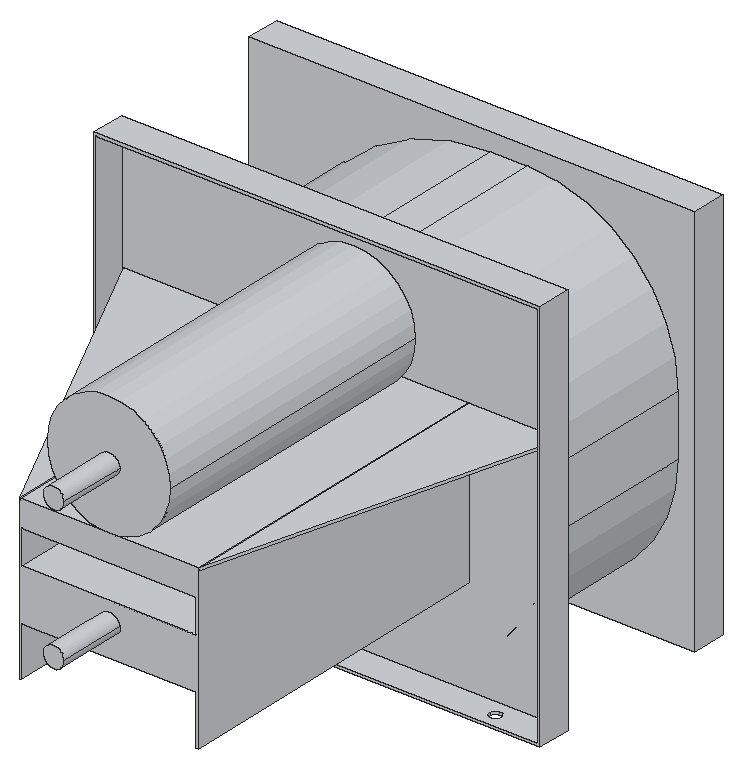
Revit family "CA-4_SWSI_ARR_2_CCW_DBD", category Mechanical Equipment, Revit 2019
Family settings
  Round Connector Dimension = Use Radius
  Part Type = Normal
  Work Plane-Based = No
  Always vertical = Yes
  Cut with Voids When Loaded = No
  Shared = No
  Room Calculation Point = No
Parameters (values of type "120_CA-4_SWSI_ARR_2_CCW_DBD_CLASS_3")
  S = 7 1/2"
  R = 11 7/16"
  P = 5 23/32"
  O/2 = O / 2  # 11/32"
  O = 11/16"
  N/2 = N / 2  # 19/32"
  N = 1 3/16"
  ModelID [instance] = ""
  MOTOR_RAD = N * 3  # 3 9/16"
  M = 18 7/8"
  L = 3"
  K = 15 7/8"
  J = 2"
  INLET_RAD/2 = INLET_RAD / 2  # 4 1/16"
  INLET_RAD+1.5" = INLET_RAD + 1 1/2"  # 9 5/8"
  INLET_RAD = INLET_DIA / 2  # 8 1/8"
  INLET_DIA = 16 1/4"
  E = 10 3/4"
  G/5 = F / 5  # 5.15"
  F = 25 3/4"
  G = 22 3/4"
  Unit Weight [instance] = ""
  Sones [instance] = ""
  Motor RPM [instance] = ""
  Motor Enclosure [instance] = ""
  LwA [instance] = ""
  Fan RPM [instance] = ""
  EE = 10 3/4"
  E-(INLET_RAD+1.5") = 3/4"
  E+(INLET_RAD+1.5") = 20"
  H = 10 3/8"
  D-((D-B)/2) = D - ((D - B) / 2)  # 11 3/16"
  D = 13 3/16"
  B = 9 3/16"
  Accessories [instance] = ""
  ARR_2_L-ARR_2_K = ARR_2_L - ARR_2_K  # 17 5/8"
  ARR_2_L = 21 5/8"
  ARR_2_K = 4"
  A = 13 1/8"
  3" = 3"  # constant formula
  Brake Hp [instance] = ""
  4" = 4"  # constant formula
  2N = N + N  # 2 3/8"
  2' = 24"
  2" = 2"  # constant formula
  1" = 1"  # constant formula
  0 = 0"  # constant formula
  Voltage [instance] = 0 V
  URL = "www.lorencook.com"
  Type Comments = "Airfoil Centrifugal Blower Arrangement 2 Counter-Clockwise Down Blast Discharge"  # constant formula
  Static Pressure [instance] = 0.00 in-wg
  Power [instance] = Voltage * Motor FLA * sqrt(if(Phase = 3, 3, 1))  # 0 VA
  Phase [instance] = 0
  Number of Poles [instance] = 1
  Motor Hp [instance] = "0"
  Motor FLA [instance] = 0 A
  Model = "CA-4 SWSI ARR 2 CCW DBD CLASS 3"
  Manufacturer = "Loren Cook Company"
  CFM [instance] = 0 CFM
  1.5 = 1 1/2"  # constant formula
  ONE EIGTH = 1/8"  # constant formula
  -(ARR_2_L - ARR_2_K) = -(ARR_2_L - ARR_2_K)  # -17 5/8"
  -(((K-B)/2)-.125") = -(((K - B) / 2) - 1/8")  # -3 7/32"
  -(((D - B) / 2) - 1/8") = -(((D - B) / 2) - 1/8")  # -1 7/8"
  (R-B)/2 = (R - B) / 2  # 1 1/8"
  ((K-B)/2)+B = ((K - B) / 2) + B  # 12 17/32"
  (D-B)/2 = (D - B) / 2  # 2"
  -(((K-B)/2)+L) = -(((K - B) / 2) + L)  # -6 11/32"
  ((D-B)/2)-.125" = ((D - B) / 2) - 1/8"  # 1 7/8"
Types (55): name | S | R | P | O/2 | O | N/2 | N | MOTOR_RAD | M | L | K | J | INLET_RAD/2 | INLET_RAD+1.5" | INLET_RAD | INLET_DIA | E | G/5 | F | G | EE | E-(INLET_RAD+1.5") | E+(INLET_RAD+1.5") | H | D-((D-B)/2) | D | B | ARR_2_L-ARR_2_K | ARR_2_L | ARR_2_K | A | 2N | Model | -(ARR_2_L - ARR_2_K) | -(((K-B)/2)-.125") | -(((D - B) / 2) - 1/8") | (R-B)/2 | ((K-B)/2)+B | (D-B)/2 | -(((K-B)/2)+L) | ((D-B)/2)-.125"
  (no name) | 7 1/2" | 11 7/16" | 5 23/32" | 11/32" | 11/16" | 19/32" | 1 3/16" | 3 9/16" | 18 7/8" | 3" | 15 7/8" | 2" | 4 1/16" | 9 5/8" | 8 1/8" | 16 1/4" | 10 3/4" | 5.15" | 25 3/4" | 22 3/4" | 10 3/4" | 3/4" | 20" | 10 3/8" | 11 3/16" | 13 3/16" | 9 3/16" | 17 5/8" | 21 5/8" | 4" | 13 1/8" | 2 3/8" | "CA-4 SWSI ARR 2 CCW DBD CLASS 3" | -17 5/8" | -3 7/32" | -1 7/8" | 1 1/8" | 12 17/32" | 2" | -6 11/32" | 1 7/8"
  120_CA-4_SWSI_ARR_2_CCW_DBD_CLASS_1 | 7 1/2" | 11 7/16" | 5 23/32" | 11/32" | 11/16" | 1/2" | 1" | 3" | 18 7/8" | 3" | 15 7/8" | 2" | 4 1/16" | 9 5/8" | 8 1/8" | 16 1/4" | 10 3/4" | 5.15" | 25 3/4" | 22 3/4" | 10 3/4" | 3/4" | 20" | 10 3/8" | 11 3/16" | 13 3/16" | 9 3/16" | 17 5/8" | 21 5/8" | 4" | 13 1/8" | 2" | "CA-4 SWSI ARR 2 CCW DBD CLASS 1" | -17 5/8" | -3 7/32" | -1 7/8" | 1 1/8" | 12 17/32" | 2" | -6 11/32" | 1 7/8"
  120_CA-4_SWSI_ARR_2_CCW_DBD_CLASS_2 | 7 1/2" | 11 7/16" | 5 23/32" | 11/32" | 11/16" | 1/2" | 1" | 3" | 18 7/8" | 3" | 15 7/8" | 2" | 4 1/16" | 9 5/8" | 8 1/8" | 16 1/4" | 10 3/4" | 5.15" | 25 3/4" | 22 3/4" | 10 3/4" | 3/4" | 20" | 10 3/8" | 11 3/16" | 13 3/16" | 9 3/16" | 17 5/8" | 21 5/8" | 4" | 13 1/8" | 2" | "CA-4 SWSI ARR 2 CCW DBD CLASS 2" | -17 5/8" | -3 7/32" | -1 7/8" | 1 1/8" | 12 17/32" | 2" | -6 11/32" | 1 7/8"
  120_CA-4_SWSI_ARR_2_CCW_DBD_CLASS_3 | 7 1/2" | 11 7/16" | 5 23/32" | 11/32" | 11/16" | 19/32" | 1 3/16" | 3 9/16" | 18 7/8" | 3" | 15 7/8" | 2" | 4 1/16" | 9 5/8" | 8 1/8" | 16 1/4" | 10 3/4" | 5.15" | 25 3/4" | 22 3/4" | 10 3/4" | 3/4" | 20" | 10 3/8" | 11 3/16" | 13 3/16" | 9 3/16" | 17 5/8" | 21 5/8" | 4" | 13 1/8" | 2 3/8" | "CA-4 SWSI ARR 2 CCW DBD CLASS 3" | -17 5/8" | -3 7/32" | -1 7/8" | 1 1/8" | 12 17/32" | 2" | -6 11/32" | 1 7/8"
  135_CA-4_SWSI_ARR_2_CCW_DBD_CLASS_1 | 8 1/2" | 12 9/16" | 6 9/32" | 11/32" | 11/16" | 1/2" | 1" | 3" | 20" | 3" | 17" | 2" | 4 7/16" | 10 3/8" | 8 7/8" | 17 3/4" | 12" | 5 3/4" | 28 3/4" | 25 1/2" | 12" | 1 1/4" | 22" | 11 5/8" | 12 5/16" | 14 5/16" | 10 5/16" | 17 5/8" | 21 5/8" | 4" | 14 3/4" | 2" | "CA-4 SWSI ARR 2 CCW DBD CLASS 1" | -17 5/8" | -3 7/32" | -1 7/8" | 1 1/8" | 13 21/32" | 2" | -6 11/32" | 1 7/8"
  135_CA-4_SWSI_ARR_2_CCW_DBD_CLASS_2 | 8 1/2" | 12 9/16" | 6 9/32" | 11/32" | 11/16" | 1/2" | 1" | 3" | 20" | 3" | 17" | 2" | 4 7/16" | 10 3/8" | 8 7/8" | 17 3/4" | 12" | 5 3/4" | 28 3/4" | 25 1/2" | 12" | 1 1/4" | 22" | 11 5/8" | 12 5/16" | 14 5/16" | 10 5/16" | 17 5/8" | 21 5/8" | 4" | 14 3/4" | 2" | "CA-4 SWSI ARR 2 CCW DBD CLASS 2" | -17 5/8" | -3 7/32" | -1 7/8" | 1 1/8" | 13 21/32" | 2" | -6 11/32" | 1 7/8"
  135_CA-4_SWSI_ARR_2_CCW_DBD_CLASS_3 | 8 1/2" | 12 9/16" | 6 9/32" | 11/32" | 11/16" | 19/32" | 1 3/16" | 3 9/16" | 20" | 3" | 17" | 2" | 4 7/16" | 10 3/8" | 8 7/8" | 17 3/4" | 12" | 5 3/4" | 28 3/4" | 25 1/2" | 12" | 1 1/4" | 22" | 11 5/8" | 12 5/16" | 14 5/16" | 10 5/16" | 17 5/8" | 21 5/8" | 4" | 14 3/4" | 2 3/8" | "CA-4 SWSI ARR 2 CCW DBD CLASS 3" | -17 5/8" | -3 7/32" | -1 7/8" | 1 1/8" | 13 21/32" | 2" | -6 11/32" | 1 7/8"
  150_CA-4_SWSI_ARR_2_CCW_DBD_CLASS_1 | 9" | 13 11/16" | 6 27/32" | 11/32" | 11/16" | 1/2" | 1" | 3" | 21 1/8" | 3" | 18 1/8" | 2" | 4 13/16" | 11 1/8" | 9 5/8" | 19 1/4" | 13 1/4" | 6.325" | 31 5/8" | 28 1/8" | 13 1/4" | 1 3/4" | 24" | 12 7/8" | 13 7/16" | 15 7/16" | 11 7/16" | 17 5/8" | 21 5/8" | 4" | 16 7/16" | 2" | "CA-4 SWSI ARR 2 CCW DBD CLASS 1" | -17 5/8" | -3 7/32" | -1 7/8" | 1 1/8" | 14 25/32" | 2" | -6 11/32" | 1 7/8"
  150_CA-4_SWSI_ARR_2_CCW_DBD_CLASS_2 | 9" | 13 11/16" | 6 27/32" | 11/32" | 11/16" | 19/32" | 1 3/16" | 3 9/16" | 21 1/8" | 3" | 18 1/8" | 2" | 4 13/16" | 11 1/8" | 9 5/8" | 19 1/4" | 13 1/4" | 6.325" | 31 5/8" | 28 1/8" | 13 1/4" | 1 3/4" | 24" | 12 7/8" | 13 7/16" | 15 7/16" | 11 7/16" | 17 5/8" | 21 5/8" | 4" | 16 7/16" | 2 3/8" | "CA-4 SWSI ARR 2 CCW DBD CLASS 2" | -17 5/8" | -3 7/32" | -1 7/8" | 1 1/8" | 14 25/32" | 2" | -6 11/32" | 1 7/8"
  150_CA-4_SWSI_ARR_2_CCW_DBD_CLASS_3 | 9" | 13 11/16" | 6 27/32" | 11/32" | 11/16" | 23/32" | 1 7/16" | 4 5/16" | 21 1/8" | 3" | 18 1/8" | 2" | 4 13/16" | 11 1/8" | 9 5/8" | 19 1/4" | 13 1/4" | 6.325" | 31 5/8" | 28 1/8" | 13 1/4" | 1 3/4" | 24" | 12 7/8" | 13 7/16" | 15 7/16" | 11 7/16" | 17 5/8" | 21 5/8" | 4" | 16 7/16" | 2 7/8" | "CA-4 SWSI ARR 2 CCW DBD CLASS 3" | -17 5/8" | -3 7/32" | -1 7/8" | 1 1/8" | 14 25/32" | 2" | -6 11/32" | 1 7/8"
  165_CA-4_SWSI_ARR_2_CCW_DBD_CLASS_1 | 10" | 14 7/8" | 7 7/16" | 11/32" | 11/16" | 1/2" | 1" | 3" | 23 15/16" | 4" | 19 5/16" | 2" | 5 5/16" | 12 1/8" | 10 5/8" | 21 1/4" | 14 3/8" | 6 7/8" | 34 3/8" | 30 7/8" | 14 3/8" | 2 1/8" | 26 3/8" | 14 1/4" | 14 5/8" | 16 5/8" | 12 5/8" | 17 5/8" | 21 5/8" | 4" | 18 1/16" | 2" | "CA-4 SWSI ARR 2 CCW DBD CLASS 1" | -17 5/8" | -3 7/32" | -1 7/8" | 1 1/8" | 15 31/32" | 2" | -7 11/32" | 1 7/8"
  165_CA-4_SWSI_ARR_2_CCW_DBD_CLASS_2 | 10" | 14 7/8" | 7 7/16" | 11/32" | 11/16" | 19/32" | 1 3/16" | 3 9/16" | 23 15/16" | 4" | 19 5/16" | 2" | 5 5/16" | 12 1/8" | 10 5/8" | 21 1/4" | 14 3/8" | 6 7/8" | 34 3/8" | 30 7/8" | 14 3/8" | 2 1/8" | 26 3/8" | 14 1/4" | 14 5/8" | 16 5/8" | 12 5/8" | 17 5/8" | 21 5/8" | 4" | 18 1/16" | 2 3/8" | "CA-4 SWSI ARR 2 CCW DBD CLASS 2" | -17 5/8" | -3 7/32" | -1 7/8" | 1 1/8" | 15 31/32" | 2" | -7 11/32" | 1 7/8"
  165_CA-4_SWSI_ARR_2_CCW_DBD_CLASS_3 | 10" | 14 7/8" | 7 7/16" | 11/32" | 11/16" | 23/32" | 1 7/16" | 4 5/16" | 23 15/16" | 4" | 19 5/16" | 2" | 5 5/16" | 12 1/8" | 10 5/8" | 21 1/4" | 14 3/8" | 6 7/8" | 34 3/8" | 30 7/8" | 14 3/8" | 2 1/8" | 26 3/8" | 14 1/4" | 14 5/8" | 16 5/8" | 12 5/8" | 17 5/8" | 21 5/8" | 4" | 18 1/16" | 2 7/8" | "CA-4 SWSI ARR 2 CCW DBD CLASS 3" | -17 5/8" | -3 7/32" | -1 7/8" | 1 1/8" | 15 31/32" | 2" | -7 11/32" | 1 7/8"
  180_CA-4_SWSI_ARR_2_CCW_DBD_CLASS_1 | 11" | 16" | 8" | 11/32" | 11/16" | 19/32" | 1 3/16" | 3 9/16" | 24 15/16" | 4 1/2" | 20 7/16" | 2" | 5 11/16" | 12 7/8" | 11 3/8" | 22 3/4" | 15 5/8" | 7.425" | 37 1/8" | 33 5/8" | 15 5/8" | 2 5/8" | 28 3/8" | 15 1/2" | 15 3/4" | 17 3/4" | 13 3/4" | 20 1/8" | 24 3/8" | 4 1/4" | 19 11/16" | 2 3/8" | "CA-4 SWSI ARR 2 CCW DBD CLASS 1" | -20 1/8" | -3 7/32" | -1 7/8" | 1 1/8" | 17 3/32" | 2" | -7 27/32" | 1 7/8"
  180_CA-4_SWSI_ARR_2_CCW_DBD_CLASS_2 | 11" | 16" | 8" | 11/32" | 11/16" | 23/32" | 1 7/16" | 4 5/16" | 24 15/16" | 4 1/2" | 20 7/16" | 2" | 5 11/16" | 12 7/8" | 11 3/8" | 22 3/4" | 15 5/8" | 7.425" | 37 1/8" | 33 5/8" | 15 5/8" | 2 5/8" | 28 3/8" | 15 1/2" | 15 3/4" | 17 3/4" | 13 3/4" | 20 1/8" | 24 3/8" | 4 1/4" | 19 11/16" | 2 7/8" | "CA-4 SWSI ARR 2 CCW DBD CLASS 2" | -20 1/8" | -3 7/32" | -1 7/8" | 1 1/8" | 17 3/32" | 2" | -7 27/32" | 1 7/8"
  180_CA-4_SWSI_ARR_2_CCW_DBD_CLASS_3 | 11" | 16" | 8" | 11/32" | 11/16" | 27/32" | 1 11/16" | 5 1/16" | 24 15/16" | 4 1/2" | 20 7/16" | 2" | 5 11/16" | 12 7/8" | 11 3/8" | 22 3/4" | 15 5/8" | 7.425" | 37 1/8" | 33 5/8" | 15 5/8" | 2 5/8" | 28 3/8" | 15 1/2" | 15 3/4" | 17 3/4" | 13 3/4" | 20 1/8" | 24 3/8" | 4 1/4" | 19 11/16" | 3 3/8" | "CA-4 SWSI ARR 2 CCW DBD CLASS 3" | -20 1/8" | -3 7/32" | -1 7/8" | 1 1/8" | 17 3/32" | 2" | -7 27/32" | 1 7/8"
  195_CA-4_SWSI_ARR_2_CCW_DBD_CLASS_1 | 11 1/2" | 17 3/16" | 8 19/32" | 11/32" | 11/16" | 23/32" | 1 7/16" | 4 5/16" | 27 3/16" | 4 1/2" | 22 11/16" | 2" | 6 1/16" | 13 5/8" | 12 1/8" | 24 1/4" | 16 3/4" | 8" | 40" | 36 1/4" | 16 3/4" | 3 1/8" | 30 3/8" | 16 3/4" | 16 15/16" | 18 15/16" | 14 15/16" | 20 1/8" | 24 3/8" | 4 1/4" | 21 5/16" | 2 7/8" | "CA-4 SWSI ARR 2 CCW DBD CLASS 1" | -20 1/8" | -3 3/4" | -1 7/8" | 1 1/8" | 18 13/16" | 2" | -8 3/8" | 1 7/8"
  195_CA-4_SWSI_ARR_2_CCW_DBD_CLASS_2 | 11 1/2" | 17 3/16" | 8 19/32" | 11/32" | 11/16" | 23/32" | 1 7/16" | 4 5/16" | 27 3/16" | 4 1/2" | 22 11/16" | 2" | 6 1/16" | 13 5/8" | 12 1/8" | 24 1/4" | 16 3/4" | 8" | 40" | 36 1/4" | 16 3/4" | 3 1/8" | 30 3/8" | 16 3/4" | 16 15/16" | 18 15/16" | 14 15/16" | 20 1/8" | 24 3/8" | 4 1/4" | 21 5/16" | 2 7/8" | "CA-4 SWSI ARR 2 CCW DBD CLASS 2" | -20 1/8" | -3 3/4" | -1 7/8" | 1 1/8" | 18 13/16" | 2" | -8 3/8" | 1 7/8"
  195_CA-4_SWSI_ARR_2_CCW_DBD_CLASS_3 | 11 1/2" | 17 3/16" | 8 19/32" | 11/32" | 11/16" | 27/32" | 1 11/16" | 5 1/16" | 27 3/16" | 4 1/2" | 22 11/16" | 2" | 6 1/16" | 13 5/8" | 12 1/8" | 24 1/4" | 16 3/4" | 8" | 40" | 36 1/4" | 16 3/4" | 3 1/8" | 30 3/8" | 16 3/4" | 16 15/16" | 18 15/16" | 14 15/16" | 20 1/8" | 24 3/8" | 4 1/4" | 21 5/16" | 3 3/8" | "CA-4 SWSI ARR 2 CCW DBD CLASS 3" | -20 1/8" | -3 3/4" | -1 7/8" | 1 1/8" | 18 13/16" | 2" | -8 3/8" | 1 7/8"
  210_CA-4_SWSI_ARR_2_CCW_DBD_CLASS_1 | 12" | 18 5/16" | 9 5/32" | 13/32" | 13/16" | 23/32" | 1 7/16" | 4 5/16" | 28 13/16" | 5" | 23 13/16" | 2" | 6 1/2" | 14 1/2" | 13" | 26" | 18" | 8.575" | 42 7/8" | 39 1/8" | 18" | 3 5/8" | 32 5/8" | 18 1/8" | 18 1/16" | 20 1/16" | 16 1/16" | 23 1/8" | 27 3/8" | 4 1/4" | 23" | 2 7/8" | "CA-4 SWSI ARR 2 CCW DBD CLASS 1" | -23 1/8" | -3 3/4" | -1 7/8" | 1 1/8" | 19 15/16" | 2" | -8 7/8" | 1 7/8"
  210_CA-4_SWSI_ARR_2_CCW_DBD_CLASS_2 | 12" | 18 5/16" | 9 5/32" | 13/32" | 13/16" | 23/32" | 1 7/16" | 4 5/16" | 28 13/16" | 5" | 23 13/16" | 2" | 6 1/2" | 14 1/2" | 13" | 26" | 18" | 8.575" | 42 7/8" | 39 1/8" | 18" | 3 5/8" | 32 5/8" | 18 1/8" | 18 1/16" | 20 1/16" | 16 1/16" | 23 1/8" | 27 3/8" | 4 1/4" | 23" | 2 7/8" | "CA-4 SWSI ARR 2 CCW DBD CLASS 2" | -23 1/8" | -3 3/4" | -1 7/8" | 1 1/8" | 19 15/16" | 2" | -8 7/8" | 1 7/8"
  210_CA-4_SWSI_ARR_2_CCW_DBD_CLASS_3 | 12" | 18 5/16" | 9 5/32" | 13/32" | 13/16" | 27/32" | 1 11/16" | 5 1/16" | 28 13/16" | 5" | 23 13/16" | 2" | 6 1/2" | 14 1/2" | 13" | 26" | 18" | 8.575" | 42 7/8" | 39 1/8" | 18" | 3 5/8" | 32 5/8" | 18 1/8" | 18 1/16" | 20 1/16" | 16 1/16" | 23 1/8" | 27 3/8" | 4 1/4" | 23" | 3 3/8" | "CA-4 SWSI ARR 2 CCW DBD CLASS 3" | -23 1/8" | -3 3/4" | -1 7/8" | 1 1/8" | 19 15/16" | 2" | -8 7/8" | 1 7/8"
  225_CA-4_SWSI_ARR_2_CCW_DBD_CLASS_1 | 12 1/2" | 19 7/16" | 9 23/32" | 13/32" | 13/16" | 23/32" | 1 7/16" | 4 5/16" | 29 15/16" | 5" | 24 15/16" | 2" | 6 7/8" | 15 1/4" | 13 3/4" | 27 1/2" | 19 1/4" | 9.15" | 45 3/4" | 41 3/4" | 19 1/4" | 4 1/8" | 34 5/8" | 19 3/8" | 19 3/16" | 21 3/16" | 17 3/16" | 23 1/8" | 27 3/8" | 4 1/4" | 24 5/8" | 2 7/8" | "CA-4 SWSI ARR 2 CCW DBD CLASS 1" | -23 1/8" | -3 3/4" | -1 7/8" | 1 1/8" | 21 1/16" | 2" | -8 7/8" | 1 7/8"
  225_CA-4_SWSI_ARR_2_CCW_DBD_CLASS_2 | 12 1/2" | 19 7/16" | 9 23/32" | 13/32" | 13/16" | 23/32" | 1 7/16" | 4 5/16" | 29 15/16" | 5" | 24 15/16" | 2" | 6 7/8" | 15 1/4" | 13 3/4" | 27 1/2" | 19 1/4" | 9.15" | 45 3/4" | 41 3/4" | 19 1/4" | 4 1/8" | 34 5/8" | 19 3/8" | 19 3/16" | 21 3/16" | 17 3/16" | 23 1/8" | 27 3/8" | 4 1/4" | 24 5/8" | 2 7/8" | "CA-4 SWSI ARR 2 CCW DBD CLASS 2" | -23 1/8" | -3 3/4" | -1 7/8" | 1 1/8" | 21 1/16" | 2" | -8 7/8" | 1 7/8"
  225_CA-4_SWSI_ARR_2_CCW_DBD_CLASS_3 | 12 1/2" | 19 7/16" | 9 23/32" | 13/32" | 13/16" | 27/32" | 1 11/16" | 5 1/16" | 29 15/16" | 5" | 24 15/16" | 2" | 6 7/8" | 15 1/4" | 13 3/4" | 27 1/2" | 19 1/4" | 9.15" | 45 3/4" | 41 3/4" | 19 1/4" | 4 1/8" | 34 5/8" | 19 3/8" | 19 3/16" | 21 3/16" | 17 3/16" | 23 1/8" | 27 3/8" | 4 1/4" | 24 5/8" | 3 3/8" | "CA-4 SWSI ARR 2 CCW DBD CLASS 3" | -23 1/8" | -3 3/4" | -1 7/8" | 1 1/8" | 21 1/16" | 2" | -8 7/8" | 1 7/8"
  245_CA-4_SWSI_ARR_2_CCW_DBD_CLASS_1 | 13 1/2" | 21" | 10 1/2" | 13/32" | 13/16" | 23/32" | 1 7/16" | 4 5/16" | 32" | 5 1/2" | 26 1/2" | 2" | 7 3/8" | 16 1/4" | 14 3/4" | 29 1/2" | 20 7/8" | 9.9" | 49 1/2" | 45 3/8" | 20 7/8" | 4 7/8" | 37 3/8" | 21 1/8" | 20 3/4" | 22 3/4" | 18 3/4" | 22 9/16" | 27 13/16" | 5 1/4" | 26 13/16" | 2 7/8" | "CA-4 SWSI ARR 2 CCW DBD CLASS 1" | -22 9/16" | -3 3/4" | -1 7/8" | 1 1/8" | 22 5/8" | 2" | -9 3/8" | 1 7/8"
  245_CA-4_SWSI_ARR_2_CCW_DBD_CLASS_2 | 13 1/2" | 21" | 10 1/2" | 13/32" | 13/16" | 27/32" | 1 11/16" | 5 1/16" | 32" | 5 1/2" | 26 1/2" | 2" | 7 3/8" | 16 1/4" | 14 3/4" | 29 1/2" | 20 7/8" | 9.9" | 49 1/2" | 45 3/8" | 20 7/8" | 4 7/8" | 37 3/8" | 21 1/8" | 20 3/4" | 22 3/4" | 18 3/4" | 22 9/16" | 27 13/16" | 5 1/4" | 26 13/16" | 3 3/8" | "CA-4 SWSI ARR 2 CCW DBD CLASS 2" | -22 9/16" | -3 3/4" | -1 7/8" | 1 1/8" | 22 5/8" | 2" | -9 3/8" | 1 7/8"
  245_CA-4_SWSI_ARR_2_CCW_DBD_CLASS_3 | 13 1/2" | 21" | 10 1/2" | 13/32" | 13/16" | 31/32" | 1 15/16" | 5 13/16" | 32" | 5 1/2" | 26 1/2" | 2" | 7 3/8" | 16 1/4" | 14 3/4" | 29 1/2" | 20 7/8" | 9.9" | 49 1/2" | 45 3/8" | 20 7/8" | 4 7/8" | 37 3/8" | 21 1/8" | 20 3/4" | 22 3/4" | 18 3/4" | 22 9/16" | 27 13/16" | 5 1/4" | 26 13/16" | 3 7/8" | "CA-4 SWSI ARR 2 CCW DBD CLASS 3" | -22 9/16" | -3 3/4" | -1 7/8" | 1 1/8" | 22 5/8" | 2" | -9 3/8" | 1 7/8"
  270_CA-4_SWSI_ARR_2_CCW_DBD_CLASS_1 | 15" | 22 7/8" | 11 7/16" | 13/32" | 13/16" | 23/32" | 1 7/16" | 4 5/16" | 34 3/8" | 6" | 28 3/8" | 2" | 8" | 17 1/2" | 16" | 32" | 23 3/8" | 10.95" | 54 3/4" | 49 7/8" | 23 3/8" | 5 3/4" | 40 3/4" | 23 1/4" | 22 5/8" | 24 5/8" | 20 5/8" | 22 9/16" | 27 13/16" | 5 1/4" | 29 9/16" | 2 7/8" | "CA-4 SWSI ARR 2 CCW DBD CLASS 1" | -22 9/16" | -3 3/4" | -1 7/8" | 1 1/8" | 24 1/2" | 2" | -9 7/8" | 1 7/8"
  270_CA-4_SWSI_ARR_2_CCW_DBD_CLASS_2 | 15" | 22 7/8" | 11 7/16" | 13/32" | 13/16" | 27/32" | 1 11/16" | 5 1/16" | 34 3/8" | 6" | 28 3/8" | 2" | 8" | 17 1/2" | 16" | 32" | 23 3/8" | 10.95" | 54 3/4" | 49 7/8" | 23 3/8" | 5 3/4" | 40 3/4" | 23 1/4" | 22 5/8" | 24 5/8" | 20 5/8" | 22 9/16" | 27 13/16" | 5 1/4" | 29 9/16" | 3 3/8" | "CA-4 SWSI ARR 2 CCW DBD CLASS 2" | -22 9/16" | -3 3/4" | -1 7/8" | 1 1/8" | 24 1/2" | 2" | -9 7/8" | 1 7/8"
  270_CA-4_SWSI_ARR_2_CCW_DBD_CLASS_3 | 15" | 22 7/8" | 11 7/16" | 13/32" | 13/16" | 31/32" | 1 15/16" | 5 13/16" | 34 3/8" | 6" | 28 3/8" | 2" | 8" | 17 1/2" | 16" | 32" | 23 3/8" | 10.95" | 54 3/4" | 49 7/8" | 23 3/8" | 5 3/4" | 40 3/4" | 23 1/4" | 22 5/8" | 24 5/8" | 20 5/8" | 22 9/16" | 27 13/16" | 5 1/4" | 29 9/16" | 3 7/8" | "CA-4 SWSI ARR 2 CCW DBD CLASS 3" | -22 9/16" | -3 3/4" | -1 7/8" | 1 1/8" | 24 1/2" | 2" | -9 7/8" | 1 7/8"
  300_CA-4_SWSI_ARR_2_CCW_DBD_CLASS_1 | 16 1/2" | 25 3/16" | 12 19/32" | 13/32" | 13/16" | 27/32" | 1 11/16" | 5 1/16" | 37 3/16" | 6 1/2" | 30 11/16" | 2" | 8 3/4" | 19" | 17 1/2" | 35" | 25 3/8" | 12" | 60" | 55 3/8" | 25 3/8" | 6 7/8" | 44 7/8" | 25 7/8" | 24 15/16" | 26 15/16" | 22 15/16" | 24 7/8" | 30 3/4" | 5 7/8" | 32 13/16" | 3 3/8" | "CA-4 SWSI ARR 2 CCW DBD CLASS 1" | -24 7/8" | -3 3/4" | -1 7/8" | 1 1/8" | 26 13/16" | 2" | -10 3/8" | 1 7/8"
  300_CA-4_SWSI_ARR_2_CCW_DBD_CLASS_2 | 16 1/2" | 25 3/16" | 12 19/32" | 13/32" | 13/16" | 31/32" | 1 15/16" | 5 13/16" | 37 3/16" | 6 1/2" | 30 11/16" | 2" | 8 3/4" | 19" | 17 1/2" | 35" | 25 3/8" | 12" | 60" | 55 3/8" | 25 3/8" | 6 7/8" | 44 7/8" | 25 7/8" | 24 15/16" | 26 15/16" | 22 15/16" | 24 7/8" | 30 3/4" | 5 7/8" | 32 13/16" | 3 7/8" | "CA-4 SWSI ARR 2 CCW DBD CLASS 2" | -24 7/8" | -3 3/4" | -1 7/8" | 1 1/8" | 26 13/16" | 2" | -10 3/8" | 1 7/8"
  300_CA-4_SWSI_ARR_2_CCW_DBD_CLASS_3 | 16 1/2" | 25 3/16" | 12 19/32" | 13/32" | 13/16" | 1 3/32" | 2 3/16" | 6 9/16" | 37 3/16" | 6 1/2" | 30 11/16" | 2" | 8 3/4" | 19" | 17 1/2" | 35" | 25 3/8" | 12" | 60" | 55 3/8" | 25 3/8" | 6 7/8" | 44 7/8" | 25 7/8" | 24 15/16" | 26 15/16" | 22 15/16" | 24 7/8" | 30 3/4" | 5 7/8" | 32 13/16" | 4 3/8" | "CA-4 SWSI ARR 2 CCW DBD CLASS 3" | -24 7/8" | -3 3/4" | -1 7/8" | 1 1/8" | 26 13/16" | 2" | -10 3/8" | 1 7/8"
  330_CA-4_SWSI_ARR_2_CCW_DBD_CLASS_1 | 18" | 27 1/2" | 13 3/4" | 13/32" | 13/16" | 27/32" | 1 11/16" | 5 1/16" | 40" | 7" | 33" | 2" | 9 1/2" | 20 1/2" | 19" | 38" | 27 7/8" | 13.15" | 65 3/4" | 60 3/4" | 27 7/8" | 7 7/8" | 48 7/8" | 28 3/8" | 27 1/4" | 29 1/4" | 25 1/4" | 24 7/8" | 30 3/4" | 5 7/8" | 36 1/8" | 3 3/8" | "CA-4 SWSI ARR 2 CCW DBD CLASS 1" | -24 7/8" | -3 3/4" | -1 7/8" | 1 1/8" | 29 1/8" | 2" | -10 7/8" | 1 7/8"
  330_CA-4_SWSI_ARR_2_CCW_DBD_CLASS_2 | 18" | 27 1/2" | 13 3/4" | 13/32" | 13/16" | 1 3/32" | 2 3/16" | 6 9/16" | 40" | 7" | 33" | 2" | 9 1/2" | 20 1/2" | 19" | 38" | 27 7/8" | 13.15" | 65 3/4" | 60 3/4" | 27 7/8" | 7 7/8" | 48 7/8" | 28 3/8" | 27 1/4" | 29 1/4" | 25 1/4" | 24 7/8" | 30 3/4" | 5 7/8" | 36 1/8" | 4 3/8" | "CA-4 SWSI ARR 2 CCW DBD CLASS 2" | -24 7/8" | -3 3/4" | -1 7/8" | 1 1/8" | 29 1/8" | 2" | -10 7/8" | 1 7/8"
  330_CA-4_SWSI_ARR_2_CCW_DBD_CLASS_3 | 18" | 27 1/2" | 13 3/4" | 13/32" | 13/16" | 1 3/32" | 2 3/16" | 6 9/16" | 40" | 7" | 33" | 2" | 9 1/2" | 20 1/2" | 19" | 38" | 27 7/8" | 13.15" | 65 3/4" | 60 3/4" | 27 7/8" | 7 7/8" | 48 7/8" | 28 3/8" | 27 1/4" | 29 1/4" | 25 1/4" | 24 7/8" | 30 3/4" | 5 7/8" | 36 1/8" | 4 3/8" | "CA-4 SWSI ARR 2 CCW DBD CLASS 3" | -24 7/8" | -3 3/4" | -1 7/8" | 1 1/8" | 29 1/8" | 2" | -10 7/8" | 1 7/8"
  365_CA-4_SWSI_ARR_2_CCW_DBD_CLASS_1 | 20" | 30 1/8" | 15 1/16" | 13/32" | 13/16" | 31/32" | 1 15/16" | 5 13/16" | 43 1/8" | 7 1/2" | 35 5/8" | 2" | 10 3/8" | 22 1/4" | 20 3/4" | 41 1/2" | 30 5/8" | 14.475" | 72 3/8" | 67" | 30 5/8" | 9 1/8" | 53 5/8" | 31 3/8" | 29 7/8" | 31 7/8" | 27 7/8" | 27 1/8" | 33" | 5 7/8" | 39 15/16" | 3 7/8" | "CA-4 SWSI ARR 2 CCW DBD CLASS 1" | -27 1/8" | -3 3/4" | -1 7/8" | 1 1/8" | 31 3/4" | 2" | -11 3/8" | 1 7/8"
  365_CA-4_SWSI_ARR_2_CCW_DBD_CLASS_2 | 20" | 30 1/8" | 15 1/16" | 13/32" | 13/16" | 1 7/32" | 2 7/16" | 7 5/16" | 43 1/8" | 7 1/2" | 35 5/8" | 2" | 10 3/8" | 22 1/4" | 20 3/4" | 41 1/2" | 30 5/8" | 14.475" | 72 3/8" | 67" | 30 5/8" | 9 1/8" | 53 5/8" | 31 3/8" | 29 7/8" | 31 7/8" | 27 7/8" | 27 1/8" | 33" | 5 7/8" | 39 15/16" | 4 7/8" | "CA-4 SWSI ARR 2 CCW DBD CLASS 2" | -27 1/8" | -3 3/4" | -1 7/8" | 1 1/8" | 31 3/4" | 2" | -11 3/8" | 1 7/8"
  365_CA-4_SWSI_ARR_2_CCW_DBD_CLASS_3 | 20" | 30 1/8" | 15 1/16" | 13/32" | 13/16" | 1 7/32" | 2 7/16" | 7 5/16" | 43 1/8" | 7 1/2" | 35 5/8" | 2" | 10 3/8" | 22 1/4" | 20 3/4" | 41 1/2" | 30 5/8" | 14.475" | 72 3/8" | 67" | 30 5/8" | 9 1/8" | 53 5/8" | 31 3/8" | 29 7/8" | 31 7/8" | 27 7/8" | 27 1/8" | 33" | 5 7/8" | 39 15/16" | 4 7/8" | "CA-4 SWSI ARR 2 CCW DBD CLASS 3" | -27 1/8" | -3 3/4" | -1 7/8" | 1 1/8" | 31 3/4" | 2" | -11 3/8" | 1 7/8"
  402_CA-4_SWSI_ARR_2_CCW_DBD_CLASS_1 | 22" | 34 1/4" | 17 1/8" | 17/32" | 1 1/16" | 31/32" | 1 15/16" | 5 13/16" | 46 5/8" | 8" | 38 5/8" | 3" | 11 5/16" | 24 1/8" | 22 5/8" | 45 1/4" | 33 5/8" | 16.075" | 80 3/8" | 73 7/8" | 33 5/8" | 10 1/2" | 58 3/4" | 34 5/8" | 33 3/4" | 36 3/4" | 30 3/4" | 25 7/16" | 31 5/16" | 5 7/8" | 44 1/16" | 3 7/8" | "CA-4 SWSI ARR 2 CCW DBD CLASS 1" | -25 7/16" | -3 13/16" | -2 7/8" | 1 3/4" | 34 11/16" | 3" | -11 15/16" | 2 7/8"
  402_CA-4_SWSI_ARR_2_CCW_DBD_CLASS_2 | 22" | 34 1/4" | 17 1/8" | 17/32" | 1 1/16" | 1 7/32" | 2 7/16" | 7 5/16" | 46 5/8" | 8" | 38 5/8" | 3" | 11 5/16" | 24 1/8" | 22 5/8" | 45 1/4" | 33 5/8" | 16.075" | 80 3/8" | 73 7/8" | 33 5/8" | 10 1/2" | 58 3/4" | 34 5/8" | 33 3/4" | 36 3/4" | 30 3/4" | 25 7/16" | 31 5/16" | 5 7/8" | 44 1/16" | 4 7/8" | "CA-4 SWSI ARR 2 CCW DBD CLASS 2" | -25 7/16" | -3 13/16" | -2 7/8" | 1 3/4" | 34 11/16" | 3" | -11 15/16" | 2 7/8"
  402_CA-4_SWSI_ARR_2_CCW_DBD_CLASS_3 | 22" | 34 1/4" | 17 1/8" | 17/32" | 1 1/16" | 1 11/32" | 2 11/16" | 8 1/16" | 46 5/8" | 8" | 38 5/8" | 3" | 11 5/16" | 24 1/8" | 22 5/8" | 45 1/4" | 33 5/8" | 16.075" | 80 3/8" | 73 7/8" | 33 5/8" | 10 1/2" | 58 3/4" | 34 5/8" | 33 3/4" | 36 3/4" | 30 3/4" | 25 7/16" | 31 5/16" | 5 7/8" | 44 1/16" | 5 3/8" | "CA-4 SWSI ARR 2 CCW DBD CLASS 3" | -25 7/16" | -3 13/16" | -2 7/8" | 1 3/4" | 34 11/16" | 3" | -11 15/16" | 2 7/8"
  445_CA-4_SWSI_ARR_2_CCW_DBD_CLASS_1 | 24" | 37 1/2" | 18 3/4" | 17/32" | 1 1/16" | 31/32" | 1 15/16" | 5 13/16" | 50 3/8" | 8 1/2" | 41 7/8" | 3" | 12 3/8" | 26 1/4" | 24 3/4" | 49 1/2" | 37 1/8" | 17.7" | 88 1/2" | 81 1/2" | 37 1/8" | 12" | 64 1/2" | 38 1/4" | 37" | 40" | 34" | 26 11/16" | 33 1/16" | 6 3/8" | 48 11/16" | 3 7/8" | "CA-4 SWSI ARR 2 CCW DBD CLASS 1" | -26 11/16" | -3 13/16" | -2 7/8" | 1 3/4" | 37 15/16" | 3" | -12 7/16" | 2 7/8"
  445_CA-4_SWSI_ARR_2_CCW_DBD_CLASS_2 | 24" | 37 1/2" | 18 3/4" | 17/32" | 1 1/16" | 1 11/32" | 2 11/16" | 8 1/16" | 50 3/8" | 8 1/2" | 41 7/8" | 3" | 12 3/8" | 26 1/4" | 24 3/4" | 49 1/2" | 37 1/8" | 17.7" | 88 1/2" | 81 1/2" | 37 1/8" | 12" | 64 1/2" | 38 1/4" | 37" | 40" | 34" | 26 11/16" | 33 1/16" | 6 3/8" | 48 11/16" | 5 3/8" | "CA-4 SWSI ARR 2 CCW DBD CLASS 2" | -26 11/16" | -3 13/16" | -2 7/8" | 1 3/4" | 37 15/16" | 3" | -12 7/16" | 2 7/8"
  445_CA-4_SWSI_ARR_2_CCW_DBD_CLASS_3 | 24" | 37 1/2" | 18 3/4" | 17/32" | 1 1/16" | 1 15/32" | 2 15/16" | 8 13/16" | 50 3/8" | 8 1/2" | 41 7/8" | 3" | 12 3/8" | 26 1/4" | 24 3/4" | 49 1/2" | 37 1/8" | 17.7" | 88 1/2" | 81 1/2" | 37 1/8" | 12" | 64 1/2" | 38 1/4" | 37" | 40" | 34" | 26 11/16" | 33 1/16" | 6 3/8" | 48 11/16" | 5 7/8" | "CA-4 SWSI ARR 2 CCW DBD CLASS 3" | -26 11/16" | -3 13/16" | -2 7/8" | 1 3/4" | 37 15/16" | 3" | -12 7/16" | 2 7/8"
  490_CA-4_SWSI_ARR_2_CCW_DBD_CLASS_1 | 26 1/2" | 40 15/16" | 20 15/32" | 17/32" | 1 1/16" | 1 3/32" | 2 3/16" | 6 9/16" | 55 5/16" | 9" | 46 5/16" | 3" | 13 3/4" | 29" | 27 1/2" | 55" | 40 3/4" | 19.4" | 97" | 89 3/4" | 40 3/4" | 13 1/4" | 71 1/4" | 42 1/4" | 40 7/16" | 43 7/16" | 37 7/16" | 26 11/16" | 33 1/16" | 6 3/8" | 53 5/8" | 4 3/8" | "CA-4 SWSI ARR 2 CCW DBD CLASS 1" | -26 11/16" | -4 5/16" | -2 7/8" | 1 3/4" | 41 7/8" | 3" | -13 7/16" | 2 7/8"
  490_CA-4_SWSI_ARR_2_CCW_DBD_CLASS_2 | 26 1/2" | 40 15/16" | 20 15/32" | 17/32" | 1 1/16" | 1 11/32" | 2 11/16" | 8 1/16" | 55 5/16" | 9" | 46 5/16" | 3" | 13 3/4" | 29" | 27 1/2" | 55" | 40 3/4" | 19.4" | 97" | 89 3/4" | 40 3/4" | 13 1/4" | 71 1/4" | 42 1/4" | 40 7/16" | 43 7/16" | 37 7/16" | 26 11/16" | 33 1/16" | 6 3/8" | 53 5/8" | 5 3/8" | "CA-4 SWSI ARR 2 CCW DBD CLASS 2" | -26 11/16" | -4 5/16" | -2 7/8" | 1 3/4" | 41 7/8" | 3" | -13 7/16" | 2 7/8"
  490_CA-4_SWSI_ARR_2_CCW_DBD_CLASS_3 | 26 1/2" | 40 15/16" | 20 15/32" | 17/32" | 1 1/16" | 1 15/32" | 2 15/16" | 8 13/16" | 55 5/16" | 9" | 46 5/16" | 3" | 13 3/4" | 29" | 27 1/2" | 55" | 40 3/4" | 19.4" | 97" | 89 3/4" | 40 3/4" | 13 1/4" | 71 1/4" | 42 1/4" | 40 7/16" | 43 7/16" | 37 7/16" | 26 11/16" | 33 1/16" | 6 3/8" | 53 5/8" | 5 7/8" | "CA-4 SWSI ARR 2 CCW DBD CLASS 3" | -26 11/16" | -4 5/16" | -2 7/8" | 1 3/4" | 41 7/8" | 3" | -13 7/16" | 2 7/8"
  540_CA-4_SWSI_ARR_2_CCW_DBD_CLASS_1 | 29" | 44 3/4" | 22 3/8" | 17/32" | 1 1/16" | 1 23/32" | 3 7/16" | 10 5/16" | 61 5/8" | 9 1/2" | 52 1/8" | 3" | 15" | 31 1/2" | 30" | 60" | 44 7/8" | 21.325" | 106 5/8" | 98 3/4" | 44 7/8" | 15" | 78" | 46 1/2" | 44 1/4" | 47 1/4" | 41 1/4" | 26 7/8" | 34 3/8" | 7 1/2" | 59 1/16" | 6 7/8" | "CA-4 SWSI ARR 2 CCW DBD CLASS 1" | -26 7/8" | -5 5/16" | -2 7/8" | 1 3/4" | 46 11/16" | 3" | -14 15/16" | 2 7/8"
  540_CA-4_SWSI_ARR_2_CCW_DBD_CLASS_2 | 29" | 44 3/4" | 22 3/8" | 17/32" | 1 1/16" | 1 15/32" | 2 15/16" | 8 13/16" | 61 5/8" | 9 1/2" | 52 1/8" | 3" | 15" | 31 1/2" | 30" | 60" | 44 7/8" | 21.325" | 106 5/8" | 98 3/4" | 44 7/8" | 15" | 78" | 46 1/2" | 44 1/4" | 47 1/4" | 41 1/4" | 26 7/8" | 34 3/8" | 7 1/2" | 59 1/16" | 5 7/8" | "CA-4 SWSI ARR 2 CCW DBD CLASS 2" | -26 7/8" | -5 5/16" | -2 7/8" | 1 3/4" | 46 11/16" | 3" | -14 15/16" | 2 7/8"
  540_CA-4_SWSI_ARR_2_CCW_DBD_CLASS_3 | 29" | 44 3/4" | 22 3/8" | 17/32" | 1 1/16" | 1 23/32" | 3 7/16" | 10 5/16" | 61 5/8" | 9 1/2" | 52 1/8" | 3" | 15" | 31 1/2" | 30" | 60" | 44 7/8" | 21.325" | 106 5/8" | 98 3/4" | 44 7/8" | 15" | 78" | 46 1/2" | 44 1/4" | 47 1/4" | 41 1/4" | 26 7/8" | 34 3/8" | 7 1/2" | 59 1/16" | 6 7/8" | "CA-4 SWSI ARR 2 CCW DBD CLASS 3" | -26 7/8" | -5 5/16" | -2 7/8" | 1 3/4" | 46 11/16" | 3" | -14 15/16" | 2 7/8"
  600_CA-4_SWSI_ARR_2_CCW_DBD_CLASS_1 | 32" | 49 5/16" | 24 21/32" | 17/32" | 1 1/16" | 1 11/32" | 2 11/16" | 8 1/16" | 66 11/16" | 10" | 56 11/16" | 3" | 16 1/2" | 34 1/2" | 33" | 66" | 49 3/4" | 23.6" | 118" | 109 5/8" | 49 3/4" | 17 1/8" | 86 1/8" | 51 5/8" | 48 13/16" | 51 13/16" | 45 13/16" | 26 7/8" | 34 3/8" | 7 1/2" | 65 5/8" | 5 3/8" | "CA-4 SWSI ARR 2 CCW DBD CLASS 1" | -26 7/8" | -5 5/16" | -2 7/8" | 1 3/4" | 51 1/4" | 3" | -15 7/16" | 2 7/8"
  600_CA-4_SWSI_ARR_2_CCW_DBD_CLASS_2 | 32" | 49 5/16" | 24 21/32" | 17/32" | 1 1/16" | 1 23/32" | 3 7/16" | 10 5/16" | 66 11/16" | 10" | 56 11/16" | 3" | 16 1/2" | 34 1/2" | 33" | 66" | 49 3/4" | 23.6" | 118" | 109 5/8" | 49 3/4" | 17 1/8" | 86 1/8" | 51 5/8" | 48 13/16" | 51 13/16" | 45 13/16" | 26 7/8" | 34 3/8" | 7 1/2" | 65 5/8" | 6 7/8" | "CA-4 SWSI ARR 2 CCW DBD CLASS 2" | -26 7/8" | -5 5/16" | -2 7/8" | 1 3/4" | 51 1/4" | 3" | -15 7/16" | 2 7/8"
  600_CA-4_SWSI_ARR_2_CCW_DBD_CLASS_3 | 32" | 49 5/16" | 24 21/32" | 17/32" | 1 1/16" | 1 31/32" | 3 15/16" | 11 13/16" | 66 11/16" | 10" | 56 11/16" | 3" | 16 1/2" | 34 1/2" | 33" | 66" | 49 3/4" | 23.6" | 118" | 109 5/8" | 49 3/4" | 17 1/8" | 86 1/8" | 51 5/8" | 48 13/16" | 51 13/16" | 45 13/16" | 26 7/8" | 34 3/8" | 7 1/2" | 65 5/8" | 7 7/8" | "CA-4 SWSI ARR 2 CCW DBD CLASS 3" | -26 7/8" | -5 5/16" | -2 7/8" | 1 3/4" | 51 1/4" | 3" | -15 7/16" | 2 7/8"
Reference planes (in)
  plane 1 "Center (Front/Back)": y = 0
  plane 2: z = 0
  plane 3 "Center (Left/Right)": x = 0.40541
Forms (in)
  Extrusion 1, solid
    sketch origin (0, 0, 0) x (1, 0, 0) y (0, 0, 1)
      loop
        line (-14.59459, 0) -> (11.15541, 0) -> (11.15541, 22.75) -> (-14.59459, 22.75) -> (-14.59459, 0)
    from 0 to 2 <- "(D-B)/2"
  Extrusion 2, solid
    sketch origin (0, 0, 0) x (1, 0, 0) y (0, 0, 1)
      loop
        line (-14.59459, 22.75) -> (-14.59459, 0) -> (11.15541, 0) -> (11.15541, 22.75) -> (-14.59459, 22.75)
    from 13.1875 <- "D" to 11.1875 <- "D-((D-B)/2)"
  Extrusion 3, void
    sketch origin (0, 0, 0) x (1, 0, 0) y (0, 0, 1)
      loop
        line (-14.46959, 22.625) -> (-14.46959, 0.125) -> (11.03041, 0.125) -> (11.03041, 22.625) -> (-14.46959, 22.625)
    from 0 to 1.875 <- "((D-B)/2)-.125""
  Extrusion 4, void
    sketch origin (0, -13.1875, 0) x (-1, 0, 0) y (0, 0, 1)
      loop
        line (14.46959, 22.625) -> (-11.03041, 22.625) -> (-11.03041, 0.125) -> (14.46959, 0.125) -> (14.46959, 22.625)
    from 0 to 1.875 <- "((D-B)/2)-.125""
  Extrusion 5, solid
    sketch origin (0, -2, 0) x (1, 0, 0) y (0, 0, 1)
      loop
        line (0.53041, 1.1875) -> (1.71791, 1.1875)
        arc (1.71791, 1.1875) -> (7.68413, 3.65879) -> (10.15541, 9.625) r 8.4375
        line (10.15541, 9.625) -> (10.15541, 13.125)
        arc (10.15541, 13.125) -> (7.62921, 19.2238) -> (1.53041, 21.75) r 8.625
        line (1.53041, 21.75) -> (-0.59459, 21.75)
        arc (-0.59459, 21.75) -> (-9.07987, 18.23528) -> (-12.59459, 9.75) r 12
        line (-12.59459, 9.75) -> (-12.59459, 0) -> (0.53041, 0) -> (0.53041, 1.1875)
    from 0 to 9.1875 <- "B"
  Extrusion 6, solid
    sketch origin (0, -13.1875, 0) x (1, 0, 0) y (0, 0, 1)
      loop
        circle (0.40541, 10.375) r 0.59375
    from -1.875 <- "-(((D - B) / 2) - 1/8")" to 21.625 <- "ARR_2_L"
  Extrusion 7, void
    sketch origin (0, 0, 0) x (1, 0, 0) y (0, 1, 0)
      loop
        circle (-7.09459, -0.875) r 0.34375
      loop
        circle (7.90541, -0.875) r 0.34375
      loop
        circle (7.90541, -12.3125) r 0.34375
      loop
        circle (-7.09459, -12.3125) r 0.34375
    from -0.25 to 0.25
  Revolve 8, void
    sketch origin (0.40541, 0, 0) x (0, 1, 0) y (0, 0, 1)
      loop
        arc (-1.875, 18.5) -> (-3.06488, 15.62738) -> (-5.9375, 14.4375) r 4.0625
        line (-5.9375, 14.4375) -> (-5.9375, 10.96875) -> (-1.875, 10.96875) -> (-1.875, 18.5)
      axis (-5.9375, 10.375) -> (-1.875, 10.375)
    angle from 0 to 360
  Extrusion 9, solid
    sketch origin (0, -13.1875, 0) x (1, 0, 0) y (0, 0, 1)
      loop
        line (-4.74459, 15.03125) -> (-4.74459, 5.71875) -> (-4.61959, 5.71875) -> (-4.61959, 8.59375) -> (5.43041, 8.59375) -> (5.43041, 5.71875) -> (5.55541, 5.71875) -> (5.55541, 15.03125) -> (-4.74459, 15.03125)
      loop
        line (-4.61959, 13.53125) -> (-4.61959, 11.5625) -> (5.43041, 11.5625) -> (5.43041, 13.53125) -> (-4.61959, 13.53125)
    from -1.875 <- "-(((D - B) / 2) - 1/8")" to 17.625 <- "ARR_2_L-ARR_2_K"
  Extrusion 10, solid
    sketch origin (0, -30.8125, 0) x (1, 0, 0) y (0, 0, 1)
      loop
        circle (0.40541, 18.59375) r 3.5625
    from 0 to -17.625 <- "-(ARR_2_L - ARR_2_K)"
  Extrusion 11, solid
    sketch origin (0, -30.8125, 0) x (1, 0, 0) y (0, 0, 1)
      loop
        circle (0.40541, 18.59375) r 0.59375
    from 0 to 4 <- "ARR_2_K"
  Extrusion 12, solid
    sketch origin (-4.74459, -13.1875, 15.03125) x (1, 0, 0) y (0, 1, 0)
      loop
        line (10.3, -17.625) -> (15.65, 1.875) -> (10.3, 1.875) -> (10.3, -17.625)
      loop
        line (0, -17.625) -> (0, 1.875) -> (-9.6, 1.875) -> (0, -17.625)
    from 0 to -0.125
Cuts and joins
  Extrusion 3, Extrusion 7, Revolve 8 cuts Extrusion 1
  Extrusion 4, Extrusion 7 cuts Extrusion 2
  Revolve 8 cuts Extrusion 5
Dimensions and locks (in)
  "0": Extrusion 1 sketch curve to level
  "G": Extrusion 1 sketch curve to Extrusion 1 sketch curve
  "E": Extrusion 1 sketch curve to plane 3 "Center (Left/Right)"
  "F": Extrusion 1 sketch curve to Extrusion 1 sketch curve
  "0": Extrusion 2 sketch curve to level
  "0": Extrusion 1 to Extrusion 2 sketch curve  (x2)
  "0": Extrusion 2 sketch curve to Extrusion 1
  "ONE EIGTH": Extrusion 2 to Extrusion 3 sketch curve  (x2)
  "ONE EIGTH": Extrusion 3 sketch curve to Extrusion 2
  "ONE EIGTH": Extrusion 3 sketch curve to level
  "ONE EIGTH": Extrusion 4 sketch curve to Extrusion 2  (x2)
  "ONE EIGTH": Extrusion 2 to Extrusion 4 sketch curve
  "ONE EIGTH": Extrusion 4 sketch curve to level
  "H": Extrusion 6 sketch curve to level
  "0": Extrusion 6 sketch curve to plane 3 "Center (Left/Right)"
  "S": Extrusion 7 sketch curve to plane 3 "Center (Left/Right)"  (x2)
  "S": plane 3 "Center (Left/Right)" to Extrusion 7 sketch curve  (x2)
  "(R-B)/2": cut or joined group of Extrusion 1, Extrusion 3, Extrusion 7, Revolve 8 to Extrusion 7 sketch curve  (x2)
  "(R-B)/2": cut or joined group of Extrusion 2, Extrusion 4, Extrusion 7 to Extrusion 7 sketch curve  (x2)
  "H": Revolve 8 sketch curve to level
  "N/2": Revolve 8 sketch curve to Revolve 8 sketch curve
  "INLET_RAD/2": Revolve 8 sketch curve to Revolve 8 sketch curve  (x2)
  "INLET_RAD": Revolve 8 sketch curve to Revolve 8 sketch curve
  "0": Revolve 8 sketch curve to cut or joined group of Extrusion 1, Extrusion 3, Extrusion 7, Revolve 8
  "G/5": Extrusion 9 sketch curve to plane 3 "Center (Left/Right)"
  "G/5": plane 3 "Center (Left/Right)" to Extrusion 9 sketch curve
  "INLET_RAD/2": Extrusion 6 to Extrusion 9 sketch curve
  "INLET_RAD/2": Extrusion 9 sketch curve to Extrusion 6
  "0": Extrusion 10 sketch curve to plane 3 "Center (Left/Right)"
  "0": Extrusion 10 sketch curve to Extrusion 9
  "0": plane 3 "Center (Left/Right)" to Extrusion 11 sketch curve
  "MOTOR_RAD": Extrusion 11 sketch curve to Extrusion 9
  "1.5": Extrusion 9 sketch curve to Extrusion 9 sketch curve
  "N/2": Extrusion 9 sketch curve to Extrusion 6
  "N": Extrusion 6 to Extrusion 9 sketch curve
  "0": Extrusion 9 sketch curve to Extrusion 9 sketch curve
  "ONE EIGTH": Extrusion 9 sketch curve to Extrusion 9 sketch curve  (x4)
  "0": cut or joined group of Extrusion 2, Extrusion 4, Extrusion 7 to Extrusion 12 sketch curve
  "0": Extrusion 9 to Extrusion 12 sketch curve  (x3)
  "ONE EIGTH": Extrusion 12 sketch curve to cut or joined group of Extrusion 2, Extrusion 4, Extrusion 7
  "0": Extrusion 12 sketch curve to Extrusion 9
  "0": Extrusion 12 sketch curve to cut or joined group of Extrusion 2, Extrusion 4, Extrusion 7
  "ONE EIGTH": cut or joined group of Extrusion 2, Extrusion 4, Extrusion 7 to Extrusion 12 sketch curve
  "J": cut or joined group of Extrusion 2, Extrusion 4, Extrusion 7 to Extrusion 5 sketch curve
  "0": Extrusion 5 sketch curve to level
  "A": Extrusion 5 sketch curve to Extrusion 5 sketch curve
  "N": Extrusion 5 sketch curve to Extrusion 5 sketch curve  (x2)
  "1"": Extrusion 5 sketch curve to cut or joined group of Extrusion 2, Extrusion 4, Extrusion 7
  "1"": cut or joined group of Extrusion 2, Extrusion 4, Extrusion 7 to Extrusion 5 sketch curve
  "1"": plane 3 "Center (Left/Right)" to Extrusion 5 sketch curve
  "A": Extrusion 5 sketch curve to level
  "N/2": radius of Extrusion 6 sketch curve
  "O/2": radius of Extrusion 7 sketch curve  (x4)
  "MOTOR_RAD": radius of Extrusion 10 sketch curve
  "N/2": radius of Extrusion 11 sketch curve
Automatic sketch dimensions
  Revolve 8 sketch curve to Revolve 8 sketch curve = 53.38466"
  Revolve 8 sketch curve to plane 1 "Center (Front/Back)" = 17.32447"
Connectors (in)
  hvac at (0.40541, -2, 10.375), driven by "CFM", driven by "INLET_RAD"
    settings: on cut or joined group of Extrusion 1, Extrusion 3, Extrusion 7, Revolve 8, index 2, duct flow 0 CFM, flow factor 0, pres drop 0.00 in-wg, loss coef 0, conn angle 0.00°, conn width 12", conn height 12", conn diameter 16 1/4", duct sys type 29, conn prof type 0, flow config 0, flow direction 1, loss method 0, conn ref index -1, conn util no, is conn primary no, conn desc ""
  hvac at (-6.03209, -6.59375, 0), driven by "CFM", driven by "A", driven by "B"
    settings: on cut or joined group of Extrusion 5, Revolve 8, index 3, duct flow 0 CFM, flow factor 0, pres drop 0.00 in-wg, loss coef 0, conn angle 0.00°, conn width 9 3/16", conn height 13 1/8", conn diameter 24", duct sys type 29, conn prof type 1, flow config 0, flow direction 2, loss method 0, conn ref index -1, conn util no, is conn primary yes, conn desc ""
